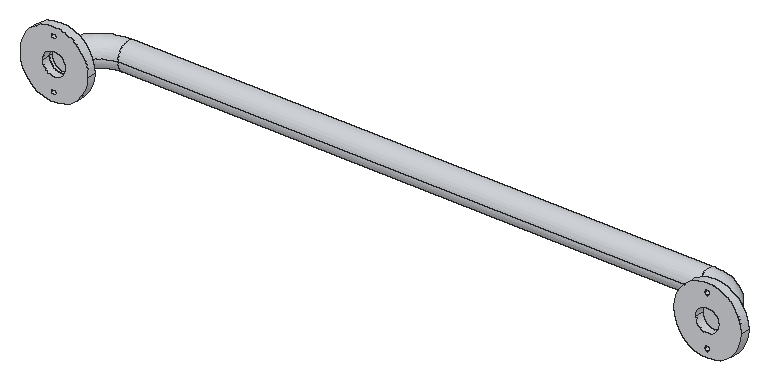
Revit family "AX8032X863_0002", category Appareils sanitaires, Revit 2016
Family settings
  Hôte = Mur
  Type d'élément = Normal
  Cote de connecteur circulaire = Utiliser le diamètre
  Numéro OmniClass = 23.75.00.00
  Titre OmniClass = Climate Control (HVAC)
  Toujours verticalement = Oui
  Couper avec des vides une fois chargée = Non
  Partagée = Non
  Point de calcul de pièce = Non
Parameters (values of type "Type 1")
  URL = "https://www.axeuro.com/fr/barres-droites/24474-barre-d-appui-ax8032x863.html"
  Type de produit / Type of product = "Barre de sécurité / Grab bar"  # constant formula
  Référence / Reference = "AX8032X863"  # constant formula
  Model = ""
  Manufacturer = ""
  Entreprise / Company = "Axeuro"  # constant formula
  Description = ""
Reference planes
  plane 1 "Mur": y = 0
  plane 2 "Centre (gauche/droite)": x = 0
  plane 3 "Arrière": y = 75
Forms (mm)
  Extrusion 1, solid
    sketch origin (-201, 75, 0) x (-1, 0, 0) y (0, 0, -1)
      loop
        circle (190, -669.455) r 40.5
    from -10 to 0
  Sweep 2, solid
    path origin (425, -18.736, 669.511) x (1, 0, 0) y (0, 1, 0)
      loop
        line (-816, 103.736) -> (-816, 105.837)
        arc (-816, 105.837) -> (-803.142, 136.878) -> (-772.102, 149.735) r 43.898
        line (-772.102, 149.735) -> (-77.898, 149.735)
        arc (-77.898, 149.735) -> (-46.858, 136.878) -> (-34, 105.837) r 43.898
        line (-34, 105.837) -> (-34, 103.736)
    profile origin (0, 131, 669.511) x (0, 1, 0) y (0, 0, 1)
      loop
        circle (0, 0) r 16
  Extrusion 3, void
    sketch origin (241, 0, 0) x (1, 0, 0) y (0, 0, 1)
      loop
        circle (150, 669.455) r 14
    from -88.969 to -75
  Extrusion 4, void
    sketch origin (-241, 0, 0) x (-1, 0, 0) y (0, 0, -1)
      loop
        circle (150, -669.455) r 14
    from -88.969 to -75
  Extrusion 5, void
    sketch origin (-597.122, 0, 1337.127) x (1, 0, 0) y (0, 0, 1)
      loop
        circle (206.122, -697.622) r 3
    from -79.397 to -75
  Extrusion 6, void
    sketch origin (-597.122, 0, 1.883) x (1, 0, 0) y (0, 0, 1)
      loop
        circle (206.122, 697.622) r 3
    from -79.397 to -75
  Extrusion 7, void
    sketch origin (597.122, 0, 1337.127) x (-1, 0, 0) y (0, 0, -1)
      loop
        circle (206.122, 697.622) r 3
    from -79.397 to -75
  Extrusion 8, void
    sketch origin (597.122, 0, 1.883) x (-1, 0, 0) y (0, 0, -1)
      loop
        circle (206.122, -697.622) r 3
    from -79.397 to -75
  Extrusion 9, solid
    sketch origin (201, 75, 0) x (1, 0, 0) y (0, 0, 1)
      loop
        circle (190, 669.455) r 40.5
    from -10 to 0
Cuts and joins
  Extrusion 4 cuts Sweep 2
  Extrusion 4, Extrusion 5, Extrusion 6, Extrusion 7, Extrusion 8 cuts Extrusion 1
  Extrusion 3, Extrusion 7, Extrusion 8 cuts Extrusion 9
Text (mm)
  text "Côté de la mise en place" at (-1820.995, 1116.779, 0), in view "Niveau de réf."
  text "Côté de la mise en place" at (0, 1334.055, 2976.191), in view "Gauche"
  text "Côté de la mise en place" at (0, 439.194, 2944.362), in view "Droite"
Dimensions and locks
  locked: plane 3 "Arrière" to host wall
  aligned and locked: plane 1 "Mur" to host wall
